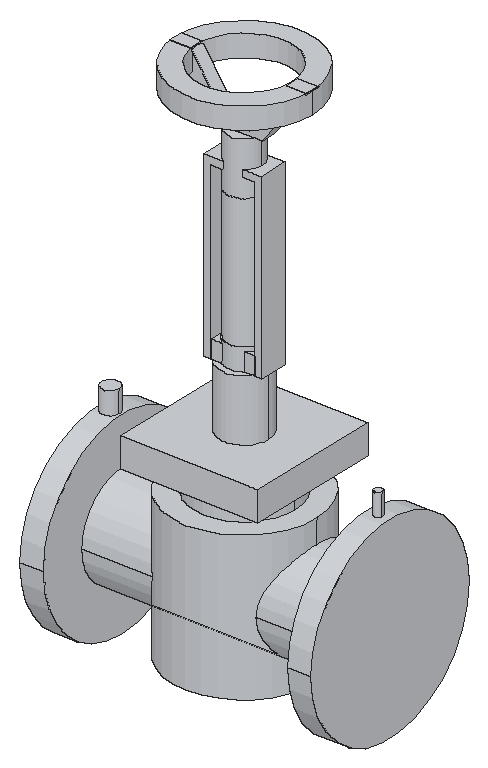
Revit family "Sigma_Compact_DN125-HF_PN16_RFA_2018", category Pipe Accessories, Revit 2018
Family settings
  Round Connector Dimension = Use Diameter
  Part Type = Valve - Breaks Into
  Work Plane-Based = No
  Always vertical = Yes
  Cut with Voids When Loaded = No
  Shared = No
Parameters (values of type "Sigma Compact DN 125 HF PN16")
  magiProductId = "02452206f7594718b3d97e4e693144"
  magiProductFamilyId = "01495da7eb234de3883c6bc9c8853e"
  magiPartTypeId = 304
  isMeasuringValve [instance] = no
  ang2D [instance] = 0.00°
  W2D = 50 mm
  VersionID = "2.0/2018.12.13.2/FRESE_SIGMA_C_BIG_Q13_001"
  Use Minimum Symbol Size [instance] = no
  URL = "www.hydronix.cz"
  Type Comments = "přírubový; PN16; max dp=800kPa; 0~+120°C; max uzavírací tlak 1MPa"
  R4 = 70 mm
  R3 = 70.2 mm
  R1 = 100 mm
  QmdConnectorList = "301;D;302;D"
  Productdata [instance] = ""
  Manufacturer = "Hydronix"
  Maintenance Zone Under Depth [instance] = 100 mm
  Maintenance Zone Right Depth [instance] = 100 mm
  Maintenance Zone Over Depth [instance] = 100 mm
  Maintenance Zone Left Depth [instance] = 100 mm
  Maintenance Zone Front Depth [instance] = 100 mm
  Maintenance Zone Back Depth [instance] = 100 mm
  Maintenance Zone Front Visibility [instance] = no
  MC Use Limits From Balancing Method = no
  MC Throttling Minimum Value = 0
  MC Throttling Maximum Value = 0
  MC Product Code = "53-2414 DN125; PN16; (23000-135000 l/h); kvs=185"
  MC Pressure Drop Minimum Value = 0.0 Pa
  MC Pressure Drop Maximum Value = 0.0 Pa
  MC Piping Given Pressure Drop [instance] = 0.0 Pa
  LF__ve = -LF  # -32 mm
  LF2 = 16 mm
  LF = 32 mm
  L432 = 32.9 mm
  L43 = 65.8 mm
  L42 = 94 mm
  L4 = 188 mm
  L3 = 336 mm
  L2D_Min = 30.48 mm
  L2D = 230 mm
  L2 = 200 mm
  HH12 = 36.5 mm
  HH1 = 73 mm
  HDF__ve = -HDF  # -338 mm
  HDF = 338 mm
  H6 = 85 mm
  H4 = 40.5 mm
  H3 = 33.75 mm
  H2 = 101.25 mm
  H11 = 202.5 mm
  H1 = 761 mm
  H = 608 mm
  Description = "Automatický vyvažovací ventil"
  DF2 = 135 mm
  D = 125 mm
  Clearance Zone Height Depth [instance] = 100 mm
  Clearance Zone Circular Radius [instance] = 200 mm
  Clearance Zone Visibility [instance] = no
  CAT0 = yes
Types (9, lengths in mm): name | magiProductId | Type Comments | R4 | R3 | R1 | MC Product Code | LF__ve | LF2 | LF | L432 | L43 | L42 | L4 | L3 | L2 | HH12 | HH1 | HDF__ve | HDF | H4 | H3 | H2 | H11 | H1 | H | DF2 | D | Clearance Zone Circular Radius
  Sigma Compact DN 050 HF PN16 | "68e8ec0e285d475ea5c3f8787337ca" | "přírubový; PN16; max dp=800kPa; 0~+120°C; max uzavírací tlak 1MPa" | 40.25 | 42.9 | 57.5 | "53-2410 DN50; PN16; (3920-24000 l/h); kvs=34" | -18.4 | 9.2 | 18.4 | 18.917 | 37.835 | 54.05 | 108.1 | 193.2 | 115 | 16.5 | 33 | -202 | 202 | 24.75 | 20.625 | 61.875 | 123.75 | 480 | 367 | 82.5 | 50 | 115
  Sigma Compact DN 065 HF PN16 | "93d22af618bf47d6be13ef3bd41a97" | "přírubový; PN16; max dp=800kPa; 0~+120°C; max uzavírací tlak 1MPa" | 50.75 | 48.1 | 72.5 | "53-2411 DN65; PN16; (5950-35000 l/h); kvs=47" | -23.2 | 11.6 | 23.2 | 23.853 | 47.705 | 68.15 | 136.3 | 243.6 | 145 | 16.5 | 33 | -199 | 199 | 27.75 | 23.125 | 69.375 | 138.75 | 497 | 384 | 92.5 | 65 | 145
  Sigma Compact DN 080 HF PN16 | "30d16928369c437789493110503824" | "přírubový; PN16; max dp=800kPa; 0~+120°C; max uzavírací tlak 1MPa" | 54.25 | 52 | 77.5 | "53-2412 DN80; PN16; (7020-43000 l/h); kvs=61" | -24.8 | 12.4 | 24.8 | 25.497 | 50.995 | 72.85 | 145.7 | 260.4 | 155 | 16.5 | 33 | -213 | 213 | 30 | 25 | 75 | 150 | 526 | 413 | 100 | 80 | 155
  Sigma Compact DN 100 HF PN16 | "cbc2fc0a341c4a2b87b0bcbf79c376" | "přírubový; PN16; max dp=800kPa; 0~+120°C; max uzavírací tlak 1MPa" | 61.25 | 61.1 | 87.5 | "53-2413 DN100; PN16; (14800-90000 l/h); kvs=104" | -28 | 14 | 28 | 28.788 | 57.575 | 82.25 | 164.5 | 294 | 175 | 34 | 68 | -331 | 331 | 35.25 | 29.375 | 88.125 | 176.25 | 714 | 566 | 117.5 | 100 | 175
  Sigma Compact DN 125 HF PN16 | "02452206f7594718b3d97e4e693144" | "přírubový; PN16; max dp=800kPa; 0~+120°C; max uzavírací tlak 1MPa" | 70 | 70.2 | 100 | "53-2414 DN125; PN16; (23000-135000 l/h); kvs=185" | -32 | 16 | 32 | 32.9 | 65.8 | 94 | 188 | 336 | 200 | 36.5 | 73 | -338 | 338 | 40.5 | 33.75 | 101.25 | 202.5 | 761 | 608 | 135 | 125 | 200
  Sigma Compact DN 150 HF PN16 | "2e5d0064e2dd45fa818d7fb779c9a5" | "přírubový; PN16; max dp=800kPa; 0~+110°C; max uzavírací tlak 1MPa" | 84 | 74.1 | 120 | "53-2415 DN150; PN16; (32000-195000 l/h); kvs=242" | -38.4 | 19.2 | 38.4 | 39.48 | 78.96 | 112.8 | 225.6 | 403.2 | 240 | 13 | 26 | -391 | 391 | 42.75 | 35.625 | 106.875 | 213.75 | 782 | 676 | 142.5 | 150 | 240
  Sigma Compact DN 200 HF PN16 | "9690c155034b41f3a54554dedb5edf" | "přírubový; PN16; max dp=800kPa; 0~+110°C; max uzavírací tlak 1MPa" | 105 | 98.8 | 150 | "53-2416 DN200; PN16; (130000-280000 l/h); kvs=317" | -48 | 24 | 48 | 49.35 | 98.7 | 141 | 282 | 504 | 300 | 29.5 | 59 | -334 | 334 | 57 | 47.5 | 142.5 | 285 | 853 | 714 | 190 | 200 | 300
  Sigma Compact DN 250 HF PN16 | "baee3668eb0d4f168225ec1ed946f7" | "přírubový; PN16; max dp=800kPa; 0~+110°C; max uzavírací tlak 1MPa" | 127.75 | 115.44 | 182.5 | "53-2417 DN250; PN16; (245000-600000 l/h); kvs=717" | -58.4 | 29.2 | 58.4 | 60.042 | 120.085 | 171.55 | 343.1 | 613.2 | 365 | 29 | 58 | -462 | 462 | 66.6 | 55.5 | 166.5 | 333 | 1044 | 906 | 222 | 250 | 365
  Sigma Compact DN 300 HF PN16 | "f903017b03a74a7ebca8b59c0516bf" | "přírubový; PN16; max dp=800kPa; 0~+110°C; max uzavírací tlak 1MPa" | 148.75 | 135.2 | 212.5 | "53-2418 DN300; PN16; (245000-600000 l/h); kvs=717" | -68 | 34 | 68 | 69.912 | 139.825 | 199.75 | 399.5 | 714 | 425 | 29 | 58 | -424 | 424 | 78 | 65 | 195 | 390 | 1082 | 944 | 260 | 300 | 425
Reference planes
  plane 1 "Center (Front/Back)": y = 0
  plane 2 "XYPLANE": z = 0
  plane 3 "Center (Left/Right)": x = 0
  plane 4 "298": y = -235
  plane 5 "297": y = 235
  plane 6 "296": y = -135
  plane 7 "295": y = 135
  plane 8 "294": z = -235
  plane 9 "293": z = 726
  plane 10 "292": x = -300
  plane 11 "291": x = 300
  plane 12 "290": z = 726
  plane 13 "256": y = -20
  plane 14 "254": z = 499.5
  plane 15 "253": z = 509.5
  plane 16 "252": x = -40
  plane 17 "251": x = -30
  plane 18 "250": x = 40
  plane 19 "249": x = 30
  plane 20 "247": z = 260.5
  plane 21 "244": z = 473
  plane 22 "243": x = 94
  plane 23 "242": x = 65.8
  plane 24 "241": x = 32.9
  plane 25 "240": y = -10
  plane 26 "238": x = -32.9
  plane 27 "237": x = -65.8
  plane 28 "236": z = 546
  plane 29 "235": z = 576
  plane 30 "234": x = -94
  plane 31 "225": z = 626
  plane 32 "224": z = -135
  plane 33 "157": x = 184
  plane 34 "156": x = -184
  plane 35 "155": z = 135
  plane 36 "154": z = 175.5
  plane 37 "153": z = 135
  plane 38 "152": z = 101.25
  plane 39 "151": x = -168
  plane 40 "150": z = -101.25
  plane 41 "149": x = 0
  plane 42 "148": y = 0
  plane 43 "147": z = 0
  plane 44 "146": x = -200
  plane 45 "145": x = 200
Forms (mm)
  Blend 1, solid, visible <- "Maintenance Zone Front Visibility"
    base sketch origin (-750, 0, 726) x (1, 0, 0) y (0, 1, 0)
      loop
        line (450, 235) -> (450, -235) -> (1050, -235) -> (1050, 235) -> (450, 235)
    top sketch origin (-750, 0, 726) x (1, 0, 0) y (0, 1, 0)
      loop
        line (450, 235) -> (450, -235) -> (1050, -235) -> (1050, 235) -> (450, 235)
    from 0 to -961
  Blend 2, solid, visible <- "Clearance Zone Visibility"
    base sketch origin (-750, 0, 0) x (1, 0, 0) y (0, 1, 0)
      loop
        circle (750, 0) r 200
    top sketch origin (-750, 0, 0) x (1, 0, 0) y (0, 1, 0)
      loop
        circle (750, 0) r 200
    from 0 to 726
  Extrusion 3, solid
    sketch origin (-750, 0, 473) x (1, 0, 0) y (0, 1, 0)
      loop
        circle (750, 0) r 23.982
    from 0 to -338 <- "HDF__ve"
  Extrusion 4, solid
    sketch origin (-750, 0, 260.5) x (1, 0, 0) y (0, 1, 0)
      loop
        line (780, 20) -> (720, 20) -> (720, -20) -> (780, -20) -> (780, 20)
    from 0 to 25
  Extrusion 5, solid
    sketch origin (750, -20, 0) x (-1, 0, 0) y (0, 0, 1)
      loop
        line (790, 260.5) -> (790, 509.5) -> (710, 509.5) -> (710, 260.5) -> (720, 260.5) -> (720, 499.5) -> (780, 499.5) -> (780, 260.5) -> (790, 260.5)
    from 0 to 40
  Extrusion 6, solid
    sketch origin (-750, 0, 260.5) x (1, 0, 0) y (0, 1, 0)
      loop
        circle (750, 0) r 25
    from 0 to 30
  Extrusion 7, solid
    sketch origin (750, -10, 0) x (-1, 0, 0) y (0, 0, 1)
      loop
        line (815.8, 626) -> (782.9, 576) -> (750, 576) -> (750, 546) -> (782.9, 546) -> (844, 626) -> (815.8, 626)
    from 0 to 20
  Extrusion 8, solid
    sketch origin (750, -10, 0) x (-1, 0, 0) y (0, 0, 1)
      loop
        line (684.2, 626) -> (656, 626) -> (717.1, 546) -> (750, 546) -> (750, 576) -> (717.1, 576) -> (684.2, 626)
    from 0 to 20
  Extrusion 9, solid
    sketch origin (-750, 0, 473) x (1, 0, 0) y (0, 1, 0)
      loop
        circle (750, 0) r 23.982
    from 0 to 73 <- "HH1"
  Extrusion 10, solid
    sketch origin (-750, 0, 626) x (1, 0, 0) y (0, 1, 0)
      loop
        circle (750, 0) r 94
      loop
        circle (750, 0) r 65.8
    from 0 to -30
  Extrusion 11, solid, visible <- "CAT0"
    sketch origin (-750, 0, 135) x (1, 0, 0) y (0, 1, 0)
      loop
        circle (934, 0) r 5.5
    from 0 to 30
  Extrusion 12, solid, visible <- "CAT0"
    sketch origin (-750, 0, 135) x (1, 0, 0) y (0, 1, 0)
      loop
        circle (566, 0) r 12.3
    from 0 to 30
  Extrusion 13, solid, visible <- "CAT0"
    sketch origin (-750, 0, 175.5) x (1, 0, 0) y (0, 1, 0)
      loop
        circle (750, 0) r 33.982
    from 0 to 85 <- "H6"
  Extrusion 14, solid, visible <- "CAT0"
    sketch origin (-750, 0, 135) x (1, 0, 0) y (0, 1, 0)
      loop
        line (844, 94) -> (656, 94) -> (656, -94) -> (844, -94) -> (844, 94)
    from 0 to 40.5 <- "H4"
  Extrusion 15, solid, visible <- "CAT0"
    sketch origin (-750, 0, 101.25) x (1, 0, 0) y (0, 1, 0)
      loop
        circle (750, 0) r 70
    from 0 to 33.75 <- "H3"
  Extrusion 16, solid, visible <- "CAT0"
    sketch origin (-168, -750, 0) x (0, 1, 0) y (0, 0, 1)
      loop
        circle (750, 0) r 70.2
    from 0 to 336 <- "L3"
  Extrusion 17, solid, visible <- "CAT0"
    sketch origin (-750, 0, -101.25) x (1, 0, 0) y (0, 1, 0)
      loop
        circle (750, 0) r 100
    from 0 to 202.5 <- "H11"
  Extrusion 18, solid, visible <- "CAT0"
    sketch origin (-200, -750, 0) x (0, 1, 0) y (0, 0, 1)
      loop
        circle (750, 0) r 135
    from 0 to 32 <- "LF"
  Extrusion 19, solid, visible <- "CAT0"
    sketch origin (200, -750, 0) x (0, 1, 0) y (0, 0, 1)
      loop
        circle (750, 0) r 135
    from 0 to -32 <- "LF__ve"
  Extrusion 20, solid, not visible
    sketch origin (-200, -750, 0) x (0, 1, 0) y (0, 0, 1)
      loop
        circle (750, 0) r 10
    from 0 to 10
  Extrusion 21, solid, not visible
    sketch origin (200, -750, 0) x (0, 1, 0) y (0, 0, 1)
      loop
        circle (750, 0) r 10
    from 0 to -10
Lines and regions (mm)
  reference lines, not visible
    curve 1: circle (2, 2, 0) r 1 normal (0, 0, 1)
  reference lines
    curve 2: circle (0, 0, 135) r 1 normal (0, 0, 1)
Dimensions and locks
  plane 1 "Center (Front/Back)" to curve 1 = 2 mm
  "Maintenance Zone Front Depth": plane 6 "296" to plane 4 "298"
  "Maintenance Zone Back Depth": plane 7 "295" to plane 5 "297"
  "DF2": plane 42 "148" to plane 6 "296"
  "DF2": plane 42 "148" to plane 7 "295"
  "Maintenance Zone Under Depth": plane 32 "224" to plane 8 "294"
  "Maintenance Zone Over Depth": plane 31 "225" to plane 9 "293"
  "Maintenance Zone Left Depth": plane 44 "146" to plane 10 "292"
  "Maintenance Zone Right Depth": plane 45 "145" to plane 11 "291"
  "Clearance Zone Height Depth": plane 31 "225" to plane 12 "290"
  locked: plane 25 "240" to plane 13 "256" at 10
  locked: plane 15 "253" to plane 14 "254" at 10
  "HH12": plane 21 "244" to plane 15 "253"
  locked: plane 17 "251" to plane 16 "252" at 10
  locked: plane 41 "149" to plane 17 "251" at 30
  locked: plane 19 "249" to plane 18 "250" at 10
  locked: plane 41 "149" to plane 19 "249" at 30
  "H6": plane 36 "154" to plane 20 "247"
  "H": plane 32 "224" to plane 21 "244"
  "L42": plane 41 "149" to plane 22 "243"
  "L43": plane 41 "149" to plane 23 "242"
  "L432": plane 41 "149" to plane 24 "241"
  locked: plane 42 "148" to plane 25 "240" at 10
  "L432": plane 41 "149" to plane 26 "238"
  "L43": plane 41 "149" to plane 27 "237"
  locked: plane 29 "235" to plane 28 "236" at 30
  locked: plane 31 "225" to plane 29 "235" at 50
  "L42": plane 41 "149" to plane 30 "234"
  "H1": plane 32 "224" to plane 31 "225"
  "DF2": plane 2 "XYPLANE" to plane 32 "224"
  "LF2": plane 45 "145" to plane 33 "157"
  "LF2": plane 44 "146" to plane 34 "156"
  "DF2": plane 2 "XYPLANE" to plane 35 "155"
  "H4": plane 37 "153" to plane 36 "154"
  "H3": plane 38 "152" to plane 37 "153"
  "H11": plane 40 "150" to plane 38 "152"
  "LF": plane 44 "146" to plane 39 "151"
  "H2": plane 2 "XYPLANE" to plane 40 "150"
  locked: plane 3 "Center (Left/Right)" to plane 41 "149"
  locked: plane 1 "Center (Front/Back)" to plane 42 "148"
  locked: plane 2 "XYPLANE" to plane 43 "147"
  "L2": plane 3 "Center (Left/Right)" to plane 44 "146"
  "L2": plane 3 "Center (Left/Right)" to plane 45 "145"
  Blend 1 sketch curve to Blend 1 sketch curve = 0 mm  (x16)
  Extrusion 4 sketch curve to Extrusion 4 sketch curve = 0 mm  (x8)
  Extrusion 5 sketch curve to Extrusion 5 sketch curve = 0 mm  (x16)
  Extrusion 7 sketch curve to Extrusion 7 sketch curve = 0 mm  (x12)
  Extrusion 8 sketch curve to Extrusion 8 sketch curve = 0 mm  (x12)
  equal spacing: Extrusion 14 sketch curve, curve 2, Extrusion 14 sketch curve  (x2)
  "L4": Extrusion 14 sketch curve to Extrusion 14 sketch curve  (x2)
  Extrusion 14 sketch curve to Extrusion 14 sketch curve = 0 mm  (x8)
  "Clearance Zone Circular Radius": radius of Blend 2 sketch curve  (x2)
  "L42": radius of Extrusion 10 sketch curve
  "L43": radius of Extrusion 10 sketch curve
  "R4": radius of Extrusion 15 sketch curve
  "R3": radius of Extrusion 16 sketch curve
  "R1": radius of Extrusion 17 sketch curve
  "DF2": radius of Extrusion 18 sketch curve
  "DF2": radius of Extrusion 19 sketch curve
  aligned and locked: level to plane 2 "XYPLANE"
  aligned and locked: Blend 1 sketch curve to plane 5 "297"  (x2)
  aligned and locked: plane 10 "292" to Blend 1 sketch curve  (x4)
  aligned and locked: plane 11 "291" to Blend 1 sketch curve  (x4)
  aligned and locked: plane 5 "297" to Blend 1 sketch curve  (x2)
  aligned and locked: plane 4 "298" to Blend 1 sketch curve  (x4)
  aligned and locked: Blend 1 to plane 8 "294"
  aligned and locked: plane 41 "149" to Blend 2 sketch curve  (x2)
  aligned and locked: plane 42 "148" to Blend 2 sketch curve  (x2)
  aligned and locked: plane 12 "290" to Blend 2
  aligned and locked: plane 41 "149" to Extrusion 3 sketch curve
  aligned and locked: plane 42 "148" to Extrusion 3 sketch curve
  aligned and locked: Extrusion 5 sketch curve to plane 16 "252"
  aligned and locked: plane 20 "247" to Extrusion 5 sketch curve  (x4)
  aligned and locked: plane 15 "253" to Extrusion 5 sketch curve  (x2)
  aligned and locked: plane 16 "252" to Extrusion 5 sketch curve
  aligned and locked: plane 18 "250" to Extrusion 5 sketch curve  (x2)
  aligned and locked: plane 19 "249" to Extrusion 5 sketch curve  (x2)
  aligned and locked: plane 14 "254" to Extrusion 5 sketch curve  (x2)
  aligned and locked: plane 17 "251" to Extrusion 5 sketch curve  (x2)
  aligned and locked: plane 41 "149" to Extrusion 6 sketch curve
  aligned and locked: plane 42 "148" to Extrusion 6 sketch curve
  aligned and locked: plane 27 "237" to Extrusion 7 sketch curve
  aligned and locked: plane 31 "225" to Extrusion 7 sketch curve  (x2)
  aligned and locked: plane 26 "238" to Extrusion 7 sketch curve  (x2)
  aligned and locked: plane 29 "235" to Extrusion 7 sketch curve  (x2)
  aligned and locked: plane 41 "149" to Extrusion 7 sketch curve  (x2)
  aligned and locked: plane 28 "236" to Extrusion 7 sketch curve  (x2)
  aligned and locked: plane 30 "234" to Extrusion 7 sketch curve
  aligned and locked: plane 23 "242" to Extrusion 8 sketch curve
  aligned and locked: plane 31 "225" to Extrusion 8 sketch curve  (x2)
  aligned and locked: plane 24 "241" to Extrusion 8 sketch curve  (x2)
  aligned and locked: plane 29 "235" to Extrusion 8 sketch curve  (x2)
  aligned and locked: plane 41 "149" to Extrusion 8 sketch curve  (x2)
  aligned and locked: plane 28 "236" to Extrusion 8 sketch curve  (x2)
  aligned and locked: plane 22 "243" to Extrusion 8 sketch curve
  aligned and locked: plane 41 "149" to Extrusion 9 sketch curve
  aligned and locked: plane 42 "148" to Extrusion 9 sketch curve
  aligned and locked: plane 41 "149" to Extrusion 10 sketch curve  (x2)
  aligned and locked: plane 42 "148" to Extrusion 10 sketch curve  (x2)
  aligned and locked: plane 33 "157" to Extrusion 11 sketch curve
  aligned and locked: plane 42 "148" to Extrusion 11 sketch curve
  aligned and locked: plane 34 "156" to Extrusion 12 sketch curve
  aligned and locked: plane 42 "148" to Extrusion 12 sketch curve
  aligned and locked: plane 41 "149" to Extrusion 13 sketch curve
  aligned and locked: plane 42 "148" to Extrusion 13 sketch curve
  aligned and locked: plane 41 "149" to curve 2
  aligned and locked: plane 42 "148" to curve 2
  aligned and locked: plane 41 "149" to Extrusion 15 sketch curve
  aligned and locked: plane 42 "148" to Extrusion 15 sketch curve
  aligned and locked: Extrusion 16 sketch curve to plane 42 "148"
  aligned and locked: plane 43 "147" to Extrusion 16 sketch curve
  aligned and locked: plane 41 "149" to Extrusion 17 sketch curve
  aligned and locked: plane 42 "148" to Extrusion 17 sketch curve
  aligned and locked: Extrusion 18 sketch curve to plane 42 "148"
  aligned and locked: plane 43 "147" to Extrusion 18 sketch curve
  aligned and locked: Extrusion 19 sketch curve to plane 42 "148"
  aligned and locked: plane 43 "147" to Extrusion 19 sketch curve
  aligned and locked: Extrusion 20 sketch curve to plane 42 "148"
  aligned and locked: plane 43 "147" to Extrusion 20 sketch curve
  aligned and locked: Extrusion 21 sketch curve to plane 42 "148"
  aligned and locked: plane 43 "147" to Extrusion 21 sketch curve
Automatic sketch dimensions
  plane 26 "238" to Extrusion 3 sketch curve = 8.917 mm
  Extrusion 4 sketch curve to plane 17 "251" = 0 mm
  Extrusion 4 sketch curve to plane 13 "256" = 0 mm
  Extrusion 4 sketch curve to plane 19 "249" = 0 mm
  Extrusion 4 sketch curve to plane 1 "Center (Front/Back)" = 20 mm
  plane 17 "251" to Extrusion 6 sketch curve = 5 mm
  plane 26 "238" to Extrusion 9 sketch curve = 8.917 mm
  Extrusion 11 sketch curve to plane 33 "157" = 5.5 mm
  plane 44 "146" to Extrusion 12 sketch curve = 3.7 mm
  Extrusion 13 sketch curve to plane 26 "238" = 1.083 mm
  Extrusion 20 sketch curve to plane 25 "240" = 0 mm
  Extrusion 21 sketch curve to plane 25 "240" = 0 mm
  plane 3 "Center (Left/Right)" to curve 1 = 2 mm
  Extrusion 14 sketch curve to plane 30 "234" = 0 mm
  plane 6 "296" to Extrusion 14 sketch curve = 41 mm
  radius of curve 2 = 1 mm
  radius of curve 1 = 1 mm
Connectors
  piping at (-200, 0, 0), diameter 125, driven by "D"
    settings: on Extrusion 20, index 1, connector inside diameter 609.6 mm, connector length 0 mm, flow factor 0, pipe flow 0.0 L/s, pressure drop 0.0 Pa, fitting loss kfactor 0, connector angle 0.00°, fixture units 0, engagement length 0 mm, angle of deflection 0.00°, flow configuration 0, flow direction 0, fitting loss method 0, system type 29, joint type 0, gender type 0, connector reference index 2, connector utility 0, adjustable connector no, is connector primary yes, connector description ""
  piping at (200, 0, 0), diameter 125, driven by "D"
    settings: on Extrusion 21, index 2, connector inside diameter 609.6 mm, connector length 0 mm, flow factor 0, pipe flow 0.0 L/s, pressure drop 0.0 Pa, fitting loss kfactor 0, connector angle 0.00°, fixture units 0, engagement length 0 mm, angle of deflection 0.00°, flow configuration 0, flow direction 0, fitting loss method 0, system type 29, joint type 0, gender type 0, connector reference index 1, connector utility 0, adjustable connector no, is connector primary no, connector description ""
